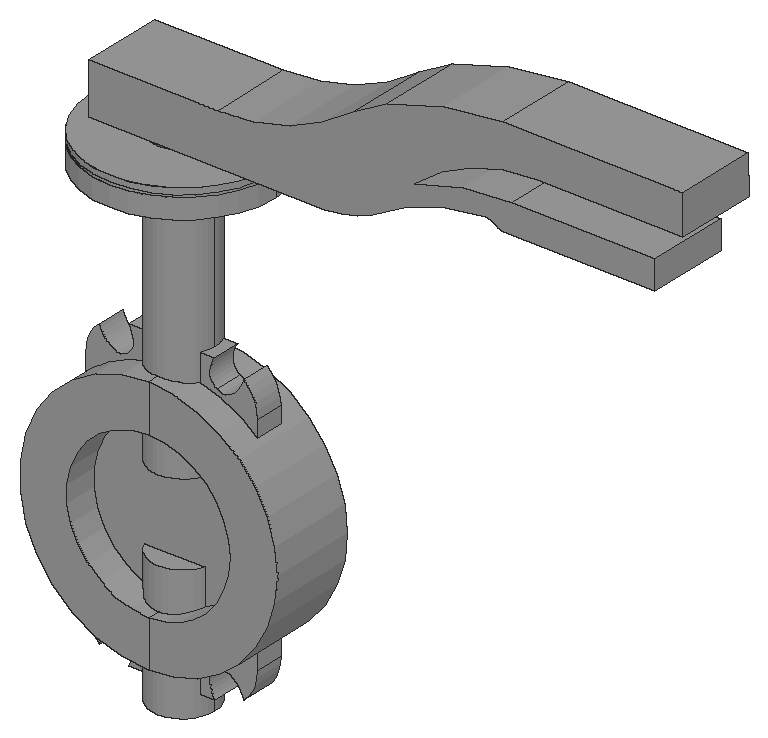
Revit family "2M_Butterfly Valve_UNIVAL_BWN-0303 - 40-300 mm", category Pipe Accessories, Revit 2016
Family settings
  Part Type = Valve - Breaks Into
  Round Connector Dimension = Use Diameter
  OmniClass Number = 23.65.55.14.17
  OmniClass Title = Adjusting/Controlling Valves for Liquid Services
  Work Plane-Based = No
  Always vertical = Yes
  Cut with Voids When Loaded = No
  Shared = No
Parameters (values of type "DN80")
  built-in parameter 1114242 [instance] = 1
  T = -10 mm
  Symbol_consist = Body_depth / 30 * 17  # 24.027 mm
  Seat Material = "EPDM, NBR"
  Loss Method = K Coefficient from Table
  Kv = 375
  K Coefficient Table = "Butterfly Valve Full Open"
  Ear_x1 = 22 mm
  Ear_y1 = 22 mm
  URL = "http://www.unival.com.tr/"
  Stem_top_h = 1 mm
  Standard No = "TS EN 593+A1"
  Pressure Rating = "PN16"
  Operator Type = M_Handle - Curved : Lever_260mm
  Model = "BWN-0303X080"
  Max. Working Temperature = "EPDM 120°C (water), NBR 90°C (water and petroleum oil)"
  Max. Working Pressure = "11 Bar"
  Max Diff. Pressure (Allowed) = "3 Bar"
  Manufacturer = "Giacomini Unival\r\nGiacomini Unival"
  Gasket Material = "EPDM, NBR"
  Stem_D = E / 51.5 * 34.5  # 30.816 mm
  Eclipse_r2 = Eclipse_r1 / 1.3  # 15.385 mm
  Eclipse_r1 = 20 mm
  Eclipse_l = 27 mm
  Eclipse_h = 70 mm
  EarEdge_r = 20 mm
  EarBottom_h = 75 mm
  E = 46 mm
  Disc_r = DN / 2  # 40 mm
  Description TR = "Wafer tip kelebek vana"
  Description = "Wafer type butterfly valve"
  DN = 80 mm
  D = 90 mm
  Connection Type = "Wafer"
  Certifications = "TSE EAC CE"
  Body_depth = DN * 0.53  # 42.4 mm
  Body Material = "Ductile iron"  # constant formula
  Body_r = DN / 2 + 23 mm  # 63 mm
  B = 85 mm
  Eclipse_angle = 30.00°
  A = 160 mm
Types (10, lengths in mm): name | Symbol_consist | Kv | Ear_x1 | Ear_y1 | Stem_top_h | Operator Type | Model | Max Diff. Pressure (Allowed) | Stem_D | Eclipse_r2 | Eclipse_r1 | Eclipse_l | Eclipse_h | EarEdge_r | EarBottom_h | E | Disc_r | DN | D | Body_depth | Body_r | B | Eclipse_angle | A
  DN100 | 30.033 | 760 | 32 | 40 | 1 | M_Handle - Curved : Lever_260mm | "BWN-0303X100" | "3 Bar" | 34.5 | 20 | 26 | 36 | 86 | 25 | 90 | 51.5 | 50 | 100 | 90 | 53 | 73 | 100 | 30.00° | 180
  DN250 | 75.083 | 5050 | 75 | 70 | 26 | M_Handle - Curved : Lever_416mm | "BWN-0303X250" | "1.5 Bar" | 45.888 | 40 | 52 | 70 | 168 | 32 | 180 | 68.5 | 125 | 250 | 125 | 132.5 | 148 | 200 | 30.00° | 274
  DN40 | 12.013 | 49.5 | 20 | 22 | 1 | M_Handle - Curved : Lever_260mm | "BWN-0303X040" | "3 Bar" | 23.112 | 12.308 | 16 | 20 | 50 | 10 | 54 | 34.5 | 20 | 40 | 90 | 21.2 | 43 | 63.5 | 20.00° | 140
  DN50 | 15.017 | 115 | 22 | 22 | 1 | M_Handle - Curved : Lever_260mm | "BWN-0303X050" | "3 Bar" | 28.806 | 13.846 | 18 | 24 | 54 | 14 | 60 | 43 | 25 | 50 | 90 | 26.5 | 48 | 68.5 | 30.00° | 140
  DN65 | 19.522 | 255 | 24 | 22 | 1 | M_Handle - Curved : Lever_260mm | "BWN-0303X065" | "3 Bar" | 30.146 | 13.846 | 18 | 25 | 65 | 14 | 70 | 45 | 32.5 | 65 | 90 | 34.45 | 55.5 | 76 | 30.00° | 152
  DN80 | 24.027 | 375 | 22 | 22 | 1 | M_Handle - Curved : Lever_260mm | "BWN-0303X080" | "3 Bar" | 30.816 | 15.385 | 20 | 27 | 70 | 20 | 75 | 46 | 40 | 80 | 90 | 42.4 | 63 | 85 | 30.00° | 160
  DN125 | 37.542 | 1030 | 34 | 36 | 1 | M_Handle - Curved : Lever_260mm | "BWN-0303X125" | "3 Bar" | 37.515 | 21.538 | 28 | 38 | 98 | 28 | 105 | 56 | 62.5 | 125 | 90 | 66.25 | 85.5 | 120 | 30.00° | 191
  DN150 | 45.05 | 1790 | 42 | 42 | 1 | M_Handle - Curved : Lever_260mm | "BWN-0303X150" | "3 Bar" | 37.85 | 23.077 | 30 | 46 | 110 | 25 | 117 | 56.5 | 75 | 150 | 90 | 79.5 | 98 | 132 | 30.00° | 202
  DN200 | 60.067 | 3450 | 56 | 52 | 23 | M_Handle - Curved : Lever_326mm | "BWN-0303X200" | "3 Bar" | 40.194 | 32.308 | 42 | 58 | 136 | 30 | 145 | 60 | 100 | 200 | 125 | 106 | 123 | 160 | 30.00° | 237
  DN300 | 90.1 | 7420 | 80 | 80 | 26 | M_Handle - Curved : Lever_416mm | "BWN-0303X300" | "1.5 Bar" | 53.257 | 44.615 | 58 | 84 | 194 | 40 | 208 | 79.5 | 150 | 300 | 125 | 159 | 173 | 230 | 30.00° | 312
Reference planes
  plane 1 "Center (Front/Back)": y = 0
  plane 2: z = 0
  plane 3 "Center (Left/Right)": x = 0
  plane 4 "Disk": z = 40
  plane 5 "Disc 2": z = -40
  plane 6 "A": z = 160
  plane 7: z = -85
  plane 8: z = 20
  plane 9: z = -20
  plane 10 "Handle_Plane": z = 161
  plane 11: y = 21.2
  plane 12: y = -21.2
  plane 13: x = -84.994
  plane 14: x = 84.994
Forms (mm)
  Extrusion 1, solid, material "UNIVAL_Grey", detail levels fine
    sketch origin (0, 0, 0) x (1, 0, 0) y (0, 0, 1)
      loop
        circle (0, 0) r 40
    from -5 to 5
  Revolve 2, solid, material "UNIVAL_IRON", detail levels fine
    sketch origin (0, 0, 0) x (0, 1, 0) y (0, 0, 1)
      loop
        line (21.2, 63) -> (-21.2, 63) -> (-21.2, 40) -> (21.2, 40) -> (21.2, 63)
      axis (21.2, 0) -> (-21.2, 0)
    angle from 0 to 360
  Extrusion 3, solid, material "UNIVAL_IRON", detail levels fine
    sketch origin (0, 0, 0) x (1, 0, 0) y (0, 1, 0)
      loop
        circle (0, 0) r 15.408
    from 40 to 160
  Extrusion 4, solid, material "UNIVAL_IRON", detail levels fine
    sketch origin (0, 0, 0) x (1, 0, 0) y (0, 1, 0)
      loop
        circle (0, 0) r 15.408
    from -85 to -40
  Extrusion 5, solid, material "UNIVAL_IRON", detail levels fine
    sketch origin (0, 0, 160) x (1, 0, 0) y (0, 1, 0)
      loop
        circle (0, 0) r 45
    from -10 <- "T" to 0
  Extrusion 6, solid, material "UNIVAL_Grey", detail levels fine
    sketch origin (0, 0, 40) x (-1, 0, 0) y (0, -1, 0)
      loop
        circle (0, 0) r 15.408
    from -20 to 0
  Extrusion 7, solid, material "UNIVAL_Grey", detail levels fine
    sketch origin (0, 0, -40) x (-1, 0, 0) y (0, -1, 0)
      loop
        circle (0, 0) r 15.408
    from 0 to 20
  Extrusion 8, solid, material "UNIVAL_IRON", detail levels fine
    sketch origin (-1351.99, -1524, 160) x (-1, 0, 0) y (0, -1, 0)
      loop
        circle (-1351.99, -1524) r 45
    from 0 to 1 <- "Stem_top_h"
  Extrusion 9, solid, material "UNIVAL_IRON", detail levels fine
    sketch origin (0, 0, 0) x (1, 0, 0) y (0, 0, 1)
      loop
        arc (-22, 75) -> (-36.142, 69.142) -> (-42, 55) r 20
        line (-42, 55) -> (-42, 46.957)
        arc (-42, 46.957) -> (0, 63) -> (42, 46.957) r 63
        line (42, 46.957) -> (42, 55)
        arc (42, 55) -> (36.142, 69.142) -> (22, 75) r 20
        line (22, 75) -> (0, 75) -> (-22, 75)
      loop
        line (-22, -75) -> (0, -75) -> (22, -75)
        arc (22, -75) -> (36.142, -69.142) -> (42, -55) r 20
        line (42, -55) -> (42, -46.957)
        arc (42, -46.957) -> (0, -63) -> (-42, -46.957) r 63
        line (-42, -46.957) -> (-42, -55)
        arc (-42, -55) -> (-36.142, -69.142) -> (-22, -75) r 20
    from -7 to 7
  Extrusion 10, void, detail levels medium+fine
    sketch origin (0, 0, 0) x (1, 0, 0) y (0, 0, 1)
      loop
        spline (22, 61.34) -> (23.895, 60.639) -> (26.001, 60.577) -> (28.175, 61.157) -> (30.269, 62.339) -> (32.141, 64.043) -> (33.662, 66.154) -> (34.729, 68.526) -> (35.269, 70.999) -> (35.246, 73.404) -> (34.661, 75.577) -> (33.554, 77.37) -> (32, 78.66)
        spline (32, 78.66) -> (30.105, 79.361) -> (27.999, 79.423) -> (25.825, 78.843) -> (23.731, 77.661) -> (21.859, 75.957) -> (20.338, 73.846) -> (19.271, 71.474) -> (18.731, 69.001) -> (18.754, 66.596) -> (19.339, 64.423) -> (20.446, 62.63) -> (22, 61.34)
    from -7 to 7
  Extrusion 11, void, detail levels medium+fine
    sketch origin (0, 0, 0) x (-1, 0, 0) y (0, 0, -1)
      loop
        spline (22, -61.34) -> (20.446, -62.63) -> (19.339, -64.423) -> (18.754, -66.596) -> (18.731, -69.001) -> (19.271, -71.474) -> (20.338, -73.846) -> (21.859, -75.957) -> (23.731, -77.661) -> (25.825, -78.843) -> (27.999, -79.423) -> (30.105, -79.361) -> (32, -78.66)
        spline (32, -78.66) -> (33.554, -77.37) -> (34.661, -75.577) -> (35.246, -73.404) -> (35.269, -70.999) -> (34.729, -68.526) -> (33.662, -66.154) -> (32.141, -64.043) -> (30.269, -62.339) -> (28.175, -61.157) -> (26.001, -60.577) -> (23.895, -60.639) -> (22, -61.34)
    from -7 to 7
  Extrusion 12, void, detail levels medium+fine
    sketch origin (0, 0, 0) x (1, 0, 0) y (0, 0, 1)
      loop
        spline (22, -61.34) -> (20.446, -62.63) -> (19.339, -64.423) -> (18.754, -66.596) -> (18.731, -69.001) -> (19.271, -71.474) -> (20.338, -73.846) -> (21.859, -75.957) -> (23.731, -77.661) -> (25.825, -78.843) -> (27.999, -79.423) -> (30.105, -79.361) -> (32, -78.66)
        spline (32, -78.66) -> (33.554, -77.37) -> (34.661, -75.577) -> (35.246, -73.404) -> (35.269, -70.999) -> (34.729, -68.526) -> (33.662, -66.154) -> (32.141, -64.043) -> (30.269, -62.339) -> (28.175, -61.157) -> (26.001, -60.577) -> (23.895, -60.639) -> (22, -61.34)
    from -7 to 7
  Extrusion 13, void, detail levels medium+fine
    sketch origin (0, 0, 0) x (-1, 0, 0) y (0, 0, -1)
      loop
        spline (22, 61.34) -> (23.895, 60.639) -> (26.001, 60.577) -> (28.175, 61.157) -> (30.269, 62.339) -> (32.141, 64.043) -> (33.662, 66.154) -> (34.729, 68.526) -> (35.269, 70.999) -> (35.246, 73.404) -> (34.661, 75.577) -> (33.554, 77.37) -> (32, 78.66)
        spline (32, 78.66) -> (30.105, 79.361) -> (27.999, 79.423) -> (25.825, 78.843) -> (23.731, 77.661) -> (21.859, 75.957) -> (20.338, 73.846) -> (19.271, 71.474) -> (18.731, 69.001) -> (18.754, 66.596) -> (19.339, 64.423) -> (20.446, 62.63) -> (22, 61.34)
    from -7 to 7
Cuts and joins
  joined: Revolve 2, Extrusion 3, Extrusion 4, Extrusion 5
  joined: Extrusion 1, Extrusion 6, Extrusion 7
  Extrusion 10, Extrusion 11, Extrusion 12, Extrusion 13 cuts Extrusion 9
Lines and regions (mm)
  model lines, detail levels coarse+medium
    curve 1: line (-12.013, 21.2, 0) -> (12.013, 21.2, 0)
    curve 3: line (12.013, -21.2, 0) -> (-12.013, -21.2, 0)
    curve 5: line (-12.013, -21.2, 0) -> (12.013, 21.2, 0)
    curve 6: line (12.013, -21.2, 0) -> (-12.013, 21.2, 0)
  model lines, not visible, detail levels coarse+medium
    curve 2: line (-12.013, -21.2, 0) -> (-12.013, 21.2, 0)
    curve 4: line (12.013, 21.2, 0) -> (12.013, -21.2, 0)
Dimensions and locks
  equal spacing: Revolve 2 sketch curve, plane 1 "Center (Front/Back)", Revolve 2 sketch curve
  "Body_depth": Revolve 2 sketch curve to Revolve 2 sketch curve
  "Disc_r": Revolve 2 sketch curve to Revolve 2 sketch curve
  "Body_r": Revolve 2 sketch curve to Revolve 2 sketch curve
  "Disc_r": plane 4 "Disk" to plane 2
  "Disc_r": level to plane 5 "Disc 2"
  "A": plane 6 "A" to plane 2
  "B": level to plane 7
  equal spacing: plane 4 "Disk", plane 8, level
  equal spacing: level, plane 9, plane 5 "Disc 2"
  "Stem_top_h": plane 10 "Handle_Plane" to plane 6 "A"
  "Body_depth": plane 12 to plane 11
  equal spacing: plane 12, plane 1 "Center (Front/Back)", plane 11
  "Ear_x1": Extrusion 9 sketch curve to plane 3 "Center (Left/Right)"  (x2)
  "Eclipse_l": Extrusion 10 sketch curve to plane 3 "Center (Left/Right)"
  "Eclipse_h": Extrusion 10 sketch curve to level
  "Eclipse_r2": Extrusion 10 sketch curve to Extrusion 10 sketch curve
  "Eclipse_r1": Extrusion 10 sketch curve to Extrusion 10 sketch curve
  "Eclipse_r2": Extrusion 11 sketch curve to Extrusion 11 sketch curve
  "Eclipse_r1": Extrusion 11 sketch curve to Extrusion 11 sketch curve
  "Eclipse_l": plane 3 "Center (Left/Right)" to Extrusion 11 sketch curve
  "Eclipse_h": Extrusion 11 sketch curve to level
  "Eclipse_r2": Extrusion 12 sketch curve to Extrusion 12 sketch curve
  "Eclipse_r1": Extrusion 12 sketch curve to Extrusion 12 sketch curve
  "Eclipse_r2": Extrusion 13 sketch curve to Extrusion 13 sketch curve
  "Eclipse_r1": Extrusion 13 sketch curve to Extrusion 13 sketch curve
  "Eclipse_h": level to Extrusion 12 sketch curve
  "Eclipse_l": Extrusion 12 sketch curve to plane 3 "Center (Left/Right)"
  "Eclipse_l": plane 3 "Center (Left/Right)" to Extrusion 13 sketch curve
  "Eclipse_h": level to Extrusion 13 sketch curve
  equal spacing: Extrusion 9 sketch curve, Extrusion 9 sketch curve, Extrusion 9 sketch curve
  "Ear_x1": plane 3 "Center (Left/Right)" to Extrusion 9 sketch curve  (x2)
  "EarBottom_h": level to Extrusion 9 sketch curve
  "Symbol_consist": curve 2 to curve 1
  equal spacing: curve 2, plane 3 "Center (Left/Right)", curve 4
  "EarBottom_h": Extrusion 9 sketch curve to plane 2
  equal spacing: Extrusion 9 sketch curve, plane 3 "Center (Left/Right)", Extrusion 9 sketch curve
  "Disc_r": radius of Extrusion 1 sketch curve
  "Stem_D": diameter of Extrusion 3 sketch curve
  "Stem_D": diameter of Extrusion 4 sketch curve
  "D": diameter of Extrusion 5 sketch curve
  "Stem_D": diameter of Extrusion 6 sketch curve
  "Stem_D": diameter of Extrusion 7 sketch curve
  "D": diameter of Extrusion 8 sketch curve
  "EarEdge_r": radius of Extrusion 9 sketch curve  (x3)
  "Eclipse_angle": angle plane 3 "Center (Left/Right)" to Extrusion 11 sketch curve
  "Eclipse_angle": angle plane 3 "Center (Left/Right)" to Extrusion 12 sketch curve
  "Eclipse_angle": angle Extrusion 13 sketch curve to plane 3 "Center (Left/Right)"
  "Eclipse_angle": angle Extrusion 10 sketch curve to plane 3 "Center (Left/Right)"
  aligned and locked: level to plane 2
  aligned and locked: Revolve 2 sketch curve to level
  aligned and locked: Extrusion 3 to plane 4 "Disk"
  aligned and locked: plane 6 "A" to Extrusion 3
  aligned and locked: plane 5 "Disc 2" to Extrusion 4
  aligned and locked: plane 7 to Extrusion 4
  aligned and locked: Extrusion 6 to Extrusion 3
  aligned and locked: Extrusion 6 to plane 8
  aligned and locked: plane 9 to Extrusion 7
  aligned and locked: Extrusion 7 to plane 5 "Disc 2"
  aligned and locked: Extrusion 9 sketch curve to cut or joined group of Revolve 2, Extrusion 3, Extrusion 4, Extrusion 5  (x2)
Automatic sketch dimensions
  Extrusion 1 sketch curve to level = 0 mm
  Extrusion 1 sketch curve to plane 3 "Center (Left/Right)" = 0 mm
  plane 12 to Revolve 2 sketch curve = 2821.218 mm
  Revolve 2 sketch curve to plane 11 = 1437.719 mm
  plane 1 "Center (Front/Back)" to Extrusion 3 sketch curve = 0 mm
  Extrusion 3 sketch curve to plane 3 "Center (Left/Right)" = 0 mm
  plane 1 "Center (Front/Back)" to Extrusion 4 sketch curve = 0 mm
  Extrusion 4 sketch curve to plane 3 "Center (Left/Right)" = 0 mm
  plane 1 "Center (Front/Back)" to Extrusion 6 sketch curve = 0 mm
  Extrusion 6 sketch curve to plane 3 "Center (Left/Right)" = 0 mm
  plane 1 "Center (Front/Back)" to Extrusion 7 sketch curve = 0 mm
  Extrusion 7 sketch curve to plane 3 "Center (Left/Right)" = 0 mm
  plane 1 "Center (Front/Back)" to Extrusion 8 sketch curve = 0 mm
  Extrusion 8 sketch curve to plane 3 "Center (Left/Right)" = 0 mm
  plane 12 to curve 3 = 0 mm
  plane 11 to curve 2 = 0 mm
  Extrusion 9 sketch curve to plane 3 "Center (Left/Right)" = 0 mm
Nested families
  nested 1: "M_Handle - Curved" at (0, 0, 161), type <- "Operator Type", type "Lever_260mm", detail levels fine
    with Stem_D 30.816 mm
Connectors
  piping at (0, -21.2, 0), diameter 80, driven by "DN"
    settings: on Revolve 2, index 1, connector inside diameter 609.6 mm, connector length 0 mm, flow factor 0, pipe flow 0.0 L/s, pressure drop 0.0 Pa, fitting loss kfactor 0, connector angle 0.00°, fixture units 0, engagement length 0 mm, angle of deflection 0.00°, flow configuration 0, flow direction 0, fitting loss method 0, system type 29, joint type 0, gender type 0, connector reference index 2, connector utility 0, adjustable connector no, is connector primary yes, connector description ""
  piping at (0, 21.2, 0), diameter 80, driven by "DN"
    settings: on Revolve 2, index 2, connector inside diameter 609.6 mm, connector length 0 mm, flow factor 0, pipe flow 0.0 L/s, pressure drop 0.0 Pa, fitting loss kfactor 0, connector angle 0.00°, fixture units 0, engagement length 0 mm, angle of deflection 0.00°, flow configuration 0, flow direction 0, fitting loss method 0, system type 29, joint type 0, gender type 0, connector reference index 1, connector utility 0, adjustable connector no, is connector primary no, connector description ""
Definition of nested family "M_Handle - Curved"
  Parameters (values of type "Lever_326mm")
    Stem_D = 23.112 mm
    L_Handle = 260 mm
    L2 = L1 + 3 mm  # 140 mm
    L1 = 137 mm
    Default Elevation = 1219.2 mm
    D_Handle = 23.112 mm
  Types (3, lengths in mm): name | L_Handle | L2 | L1 | D_Handle
    Lever_260mm | 26 | 74 | 71 | 90
    Lever_326mm | 260 | 140 | 137 | 23.112
    Lever_416mm | 260 | 230 | 227 | 23.112
  Reference planes
    plane 1 "Center (Front/Back)": y = 0
    plane 2: z = 0
    plane 3 "Center (Left/Right)": x = 0
  Forms (mm)
    Extrusion 1, solid
      sketch origin (0, 0, 0) x (1, 0, 0) y (0, 1, 0)
        loop
          line (-360, 340) -> (-360, -334.649) -> (361.39, -334.649) -> (361.39, 340) -> (-360, 340)
      from 0 to -82.308
    Extrusion 2, solid
      sketch origin (-41.968, 0, -746.489) x (1, 0, 0) y (0, 0, 1)
        loop
          line (11.968, 753.489) -> (127.16, 753.489)
          arc (127.16, 753.489) -> (139.188, 755.108) -> (150.552, 759.372) r 54.013
          arc (150.552, 759.372) -> (176.894, 772.229) -> (205.698, 777.663) r 109.864
          arc (205.698, 777.663) -> (208.156, 777.429) -> (210.44, 776.49) r 8.395
          arc (210.44, 776.49) -> (212.221, 774.984) -> (214.509, 774.535) r 4.642
          line (214.509, 774.535) -> (354.509, 774.535) -> (354.509, 788.507) -> (218.712, 788.507)
          arc (218.712, 788.507) -> (194.423, 786.381) -> (170.871, 780.071) r 139.878
          arc (170.871, 780.071) -> (198.908, 796.978) -> (231.113, 802.867) r 90.996
          line (231.113, 802.867) -> (368.113, 802.867) -> (368.113, 822.274) -> (214.272, 822.274)
          arc (214.272, 822.274) -> (185.304, 818.955) -> (157.465, 810.285) r 155.405
          line (157.465, 810.285) -> (141.473, 801.155)
          arc (141.473, 801.155) -> (109.966, 784.24) -> (74.686, 778.393) r 109.363
          line (74.686, 778.393) -> (11.968, 778.393) -> (11.968, 753.489)
      from -20 to 20
    Extrusion 3, solid
      sketch origin (0, 0, 0) x (1, 0, 0) y (0, 1, 0)
        loop
          circle (0, 0) r 11.556
      from 0 to 3
    Extrusion 4, solid
      sketch origin (0, 0, 0) x (1, 0, 0) y (0, 1, 0)
        loop
          circle (0, 0) r 11.556
      from 0 to 7
  Dimensions and locks
    "L2": Extrusion 2 sketch curve to Extrusion 2 sketch curve
    Extrusion 2 to plane 3 "Center (Left/Right)" = 326.145 mm
    "D_Handle": diameter of Extrusion 3 sketch curve
    "D_Handle": diameter of Extrusion 3
    "Stem_D": diameter of Extrusion 4 sketch curve
    aligned and locked: plane 2 to Extrusion 1
    aligned and locked: level to Extrusion 1
    aligned and locked: plane 1 "Center (Front/Back)" to Extrusion 3 sketch curve
    aligned and locked: plane 1 "Center (Front/Back)" to Extrusion 4 sketch curve
    aligned and locked: plane 3 "Center (Left/Right)" to Extrusion 4 sketch curve
  Automatic sketch dimensions
    Extrusion 1 sketch curve to Extrusion 1 sketch curve = 721.39 mm
    Extrusion 1 sketch curve to Extrusion 1 sketch curve = 674.649 mm
    Extrusion 2 sketch curve to plane 3 "Center (Left/Right)" = 30 mm
    plane 3 "Center (Left/Right)" to Extrusion 2 sketch curve = 32.717 mm
    Extrusion 2 sketch curve to Extrusion 2 sketch curve = 51.329 mm
    level to Extrusion 2 sketch curve = 7 mm
    Extrusion 2 sketch curve to Extrusion 2 sketch curve = 1.145 mm
    Extrusion 2 sketch curve to Extrusion 2 sketch curve = 15.459 mm
    Extrusion 2 sketch curve to Extrusion 2 sketch curve = 15.992 mm
    Extrusion 2 sketch curve to Extrusion 2 sketch curve = 48.675 mm
    Extrusion 2 sketch curve to Extrusion 2 sketch curve = 5.341 mm
    Extrusion 2 sketch curve to Extrusion 2 sketch curve = 8.091 mm
    Extrusion 2 sketch curve to Extrusion 2 sketch curve = 0.041 mm
    Extrusion 2 sketch curve to Extrusion 2 sketch curve = 0.278 mm
    Extrusion 2 sketch curve to Extrusion 2 sketch curve = 5.915 mm
    Extrusion 2 sketch curve to Extrusion 2 sketch curve = 4.482 mm
    Extrusion 2 sketch curve to Extrusion 2 sketch curve = 13.718 mm
    Extrusion 2 sketch curve to Extrusion 2 sketch curve = 13.605 mm
    Extrusion 2 sketch curve to level = 34.618 mm
    Extrusion 2 sketch curve to Extrusion 2 sketch curve = 43.92 mm
    Extrusion 2 sketch curve to Extrusion 2 sketch curve = 1.051 mm
    Extrusion 2 sketch curve to Extrusion 2 sketch curve = 18.272 mm
    level to Extrusion 2 sketch curve = 22.79 mm
    Extrusion 2 sketch curve to Extrusion 2 sketch curve = 5.255 mm
    level to Extrusion 2 sketch curve = 31.903 mm
    Extrusion 2 sketch curve to Extrusion 2 sketch curve = 4.633 mm
    Extrusion 2 sketch curve to Extrusion 2 sketch curve = 13.971 mm
    Extrusion 2 sketch curve to Extrusion 2 sketch curve = 47.666 mm
    Extrusion 2 sketch curve to Extrusion 2 sketch curve = 14.361 mm
    Extrusion 2 sketch curve to Extrusion 2 sketch curve = 6.336 mm
    Extrusion 2 sketch curve to Extrusion 2 sketch curve = 9.13 mm
    level to Extrusion 2 sketch curve = 12.883 mm
    Extrusion 2 sketch curve to Extrusion 2 sketch curve = 0 mm
    Extrusion 3 sketch curve to plane 3 "Center (Left/Right)" = 0 mm
